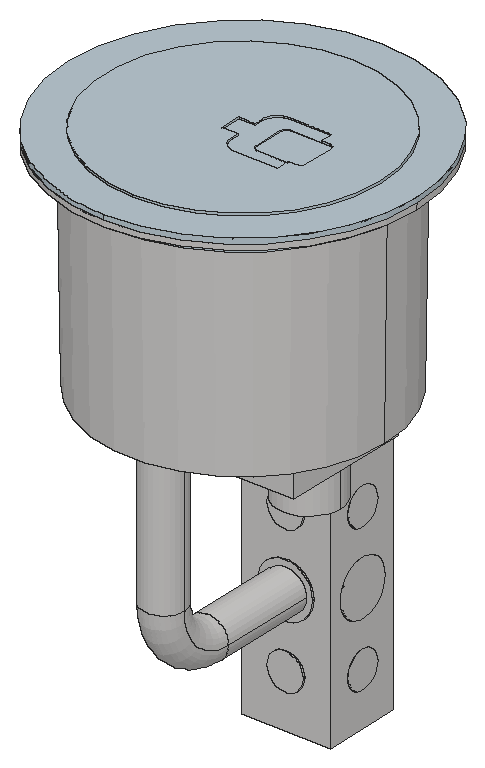
Revit family "Electrical_Equipment-Poke_Through-Hubbell_Wiring-System_One-S1R8", category Electrical Fixtures, host Face, Revit 2015
Parameters (values of type "S1R8JNC1 Junction Box")
  Voltage = 120 V
  URL = "http://www.hubbell-wiring.com/"
  Right Side Subplate = Right Subplate : S1R8PSPZ
  Right Side Power = 2400 VA
  Right Connector = 0' - 0 67/128"  # constant formula
  Product data url = "https://bimobject.com/hubbellwiring/product/systemone-s1r8"
  Product Page URL = "http://ecatalog.hubbell-wiring.com/ProductInformation/ViewCatalog.aspx?Dest=hubbell-wiring.com/press/catalog/m.pdf"
  Product Documentation Link = "http://ecatalog.hubbell-wiring.com/ProductInformation/ViewCatalog.aspx?Dest=hubbell-wiring.com/press/catalog/m.pdf"
  Power Factor = 1
  Number of Poles = 1
  Model = "S1R8PT"
  Manufacturer = "Hubbell-Wiring"  # constant formula
  Load Classification = Power
  Left Side Subplate = Left Subplate : S1R8PSPZ
  Left Side Power = 2400 VA
  Left Connector = 0' - 0 103/128"
  Junction Box = S1R8JNC1 : Junction Box
  Hardware Material = Metal-Hubbell-Steel
  Electrical Connector Description = "Power Connector"
  Description = "System One - 8\" Poke Through"
  Default Elevation = 0' - 0"
  Cover Material = Metal-Hubbell-Aluminum
  Conduit Connector USER NOTE = "Please note the number of conduit stubs will vary based on fitting adaptor selected, S1R8JNCx, contact Hubbell specifications for greater detail."
  Conduit Connector 5 Description = "Conduit Connector 1"
  Conduit Connector 4 Description = "Conduit Connector 1"
  Conduit Connector 3 Description = "Conduit Connector 1"
  Conduit Connector 2 Description = "Conduit Connector 1"
  Conduit Connector 1 Description = "Conduit Connector 1"
  Center Top Subplate = Center Subplate : S1R8CSPK
  Center Top Power = 2400 VA
  Center Middle Subplate = Center Subplate : S1R8CSPK
  Center Middle Power = 2400 VA
  Center Bottom Subplate = Center Subplate : S1R8CSPK
  Center Bottom Power = 2400 VA
  Assembly Code = "D5020115"
  Amperage Max Limit Note = "Max (5) 20 Amp Duplex Circuit"
Types (2): name | Left Connector | Junction Box
  S1R8JNC1 Junction Box | 0' - 0 103/128" | S1R8JNC1 : Junction Box
  S1R8JNC2 Junction Box | 0' - 0 67/128" | S1R8JNC2 : Junction Box
Reference planes (in)
  plane 1 "Center (Front/Back)": y = 0
  plane 2: z = 0
  plane 3 "Center (Left/Right)": x = 0
  plane 4: y = 2.55255
Forms (in)
  Extrusion 1, solid, detail levels coarse
    sketch origin (0, 0, 0) x (1, 0, 0) y (0, 1, 0)
      loop
        circle (0, 0) r 4.75
    from 0.29672 to -15.52
Lines and regions (in)
  symbolic lines
    curve 1: circle (0, 0, 0) r 4.75 normal (0, 0, 1)
  symbolic lines, detail levels coarse
    curve 2: line (0, 3.75, 0.29672) -> (0, 3.75, -15.52)
    curve 3: line (0, 3.75, 0.29672) -> (0, -3.75, 0.29672)
    curve 4: line (0, -3.75, -15.52) -> (0, 3.75, -15.52)
    curve 5: line (0, -3.75, 0.29672) -> (0, -3.75, -15.52)
    curve 6: line (4.75, 0, 0.29672) -> (-4.75, 0, 0.29672)
    curve 7: line (4.75, 0, -15.52) -> (4.75, 0, 0.29672)
    curve 8: line (-4.75, 0, -15.52) -> (4.75, 0, -15.52)
    curve 9: line (-4.75, 0, 0.29672) -> (-4.75, 0, -15.52)
Dimensions and locks (in)
  aligned and locked: plane 2 to host face
  aligned and locked: level to host face
  aligned and locked: plane 1 "Center (Front/Back)" to nested 1
  aligned and locked: nested 2 to plane 1 "Center (Front/Back)"
  aligned and locked: Extrusion 1 sketch curve to curve 1
  aligned and locked: Extrusion 1 to curve 3
  aligned and locked: Extrusion 1 to curve 4
  aligned and locked: curve 6 to Extrusion 1
  aligned and locked: curve 7 to Extrusion 1
  aligned and locked: curve 8 to Extrusion 1
  aligned and locked: curve 9 to Extrusion 1
  aligned and locked: plane 1 "Center (Front/Back)" to nested 3
  aligned and locked: nested 1 to nested 3
  aligned and locked: nested 4 to plane 4
  aligned and locked: plane 3 "Center (Left/Right)" to nested 4
  aligned and locked: plane 3 "Center (Left/Right)" to nested 2
  aligned and locked: plane 3 "Center (Left/Right)" to nested 1
  aligned and locked: nested 1 to host face
  aligned and locked: nested 2 to nested 1
Nested families (in)
  nested 1: "Poke Through" at (0, 0, 0), type "6Plug"
  nested 2: "Poke Through Cover" at (0, 0, 0.16) x (0, 1, 0) z (0, 0, 1), type "6Cover"
  nested 3: "S1R8JNC1" at (0, 0, -5.9741), type <- "Junction Box", type "Junction Box"
  nested 4: "Junction Box" at (0, 2.55255, -8.16115), type "Junction Box"
  nested 5: "Center Subplate" at (-0.68219, 0.05065, 0), type "S1R8CSPEXT"
  nested 6: "Left Subplate" at (-1.05609, 0.55048, 0), type "S1R8PSPZ"
  nested 7: "Right Subplate" at (-1.15383, 0.17265, 0), type "S1R6SPM"
Connectors (in)
  electrical at (0, 2.55255, -15.11115), driven by "Number of Poles", driven by "Load Classification", driven by "Voltage", driven by "Power Factor", driven by "Electrical Connector Description"
    settings: on nested 4, index 1, voltage 120 V, apparent load 60 VA, apparent load phase1 0 VA, apparent load phase2 0 VA, apparent load phase3 0 VA, power factor 1, load classification "Power", number of poles 1, system type 30, power factor state 1, is connector primary yes, connector utility no, sub classification motor no, connector description "Power Connector"
  cabletrayconduit at (-1.80824, 0, -8.06785), diameter 1.04688, driven by "Right Connector", driven by "Conduit Connector 4 Description"
    settings: on nested 3, index 2, connector width 1' - 0", connector height 1' - 0", connector angle 0.00°, system type 32, placement type 0, profile type 0, connector reference index -1, is primary connector yes, connector utility param no, connector description "Conduit Connector 1"
  cabletrayconduit at (1.80824, 0.00003, -8.06785), diameter 1.60938, driven by "Left Connector", driven by "Conduit Connector 5 Description"
    settings: on nested 3, index 3, connector width 1' - 0", connector height 1' - 0", connector angle 0.00°, system type 32, placement type 0, profile type 0, connector reference index -1, is primary connector no, connector utility param no, connector description "Conduit Connector 1"
  cabletrayconduit at (0, 1.45289, -11.63615), diameter 24, driven by "Conduit Connector 1 Description"
    settings: on nested 4, index 4, connector width 1' - 0", connector height 1' - 0", connector angle 0.00°, system type 32, placement type 1, profile type 0, connector reference index -1, is primary connector no, connector utility param no, connector description "Conduit Connector 1"
  cabletrayconduit at (1.23966, 2.55255, -11.63615), diameter 24, driven by "Conduit Connector 2 Description"
    settings: on nested 4, index 5, connector width 1' - 0", connector height 1' - 0", connector angle 0.00°, system type 32, placement type 1, profile type 0, connector reference index -1, is primary connector no, connector utility param no, connector description "Conduit Connector 1"
  cabletrayconduit at (0, 3.6522, -11.63615), diameter 24, driven by "Conduit Connector 3 Description"
    settings: on nested 4, index 6, connector width 1' - 0", connector height 1' - 0", connector angle 0.00°, system type 32, placement type 1, profile type 0, connector reference index -1, is primary connector no, connector utility param no, connector description "Conduit Connector 1"
Definition of nested family "Poke Through"
  Parameters
    Junction Box [instance] = S1R8JNC2 : S1R8JNC2
    Hardware Material = none
    Assembly Code = ""
  Reference planes (in)
    plane 1 "Center (Front/Back)": y = 0
    plane 2: z = 0
    plane 3 "Center (Left/Right)": x = 0
    plane 4: z = -8.57
    plane 5: x = -2.96875
  Forms (in)
    Extrusion 1, solid, material <- "Hardware Material", detail levels medium+fine
      sketch origin (0, 0, 0) x (1, 0, 0) y (0, 1, 0)
        loop
          circle (0, 0) r 4.765
        loop
          circle (0, 0) r 3.7723
      from 0 to 0.16
    Revolve 2, solid, material <- "Hardware Material", detail levels medium+fine
      sketch origin (0, 0, 0) x (1, 0, 0) y (0, 0, 1)
        loop
          line (-3.97982, 0) -> (-3.88731, -6.03615) -> (-3.7723, -6.03615) -> (-3.7723, 0) -> (-3.97982, 0)
        axis (0, -6.03615) -> (0, 0)
      angle from 0 to 360
    Extrusion 3, solid, material <- "Hardware Material", detail levels medium+fine
      sketch origin (0, 0, 0) x (1, 0, 0) y (0, 1, 0)
        loop
          circle (0, 0) r 3.7723
        loop
          circle (0, 2.55255) r 0.375
        loop
          circle (0, -2.7088) r 0.57
      from -5.9741 to -6.03615
    Extrusion 4, solid, material <- "Hardware Material", detail levels medium+fine
      sketch origin (0, 0, -8.16115) x (1, 0, 0) y (0, 1, 0)
        loop
          circle (0, 2.55255) r 0.375
      from 0 to 2.125
    Sweep 5, solid, material <- "Hardware Material", detail levels medium+fine
      path origin (0, 0, 0) x (0, 1, 0) y (0, 0, 1)
        loop
          line (-2.7088, -6.03615) -> (-2.7088, -10.1299)
          arc (-2.7088, -10.1299) -> (-2.26946, -11.19056) -> (-1.2088, -11.6299) r 1.5
          line (-1.2088, -11.6299) -> (1.4787, -11.6299)
      profile origin (0, -2.7088, -8.08302) x (1, 0, 0) y (0, 1, 0)
        loop
          circle (0, 0) r 0.57
  Cuts and joins
    joined: Extrusion 1, Revolve 2, Extrusion 3
  Dimensions and locks (in)
    Extrusion 1 to plane 4 = 0' - 8.73"
    aligned and locked: plane 2 to level
Definition of nested family "Poke Through Cover"
  Parameters
    Cover Material = none
    Assembly Code = ""
  Reference planes (in)
    plane 1 "Center (Front/Back)": y = 0
    plane 2: z = 0
    plane 3 "Center (Left/Right)": x = 0
    plane 4: z = -1.16328
  Forms (in)
    Extrusion 1, solid, material <- "Cover Material", detail levels medium+fine
      sketch origin (0, 0, 0) x (1, 0, 0) y (0, 1, 0)
        loop
          circle (0, 0) r 4.765
        loop
          circle (0, 0) r 3.76753
      from 0 to 0.13672
    Revolve 2, solid, material <- "Cover Material", detail levels medium+fine
      sketch origin (0, 0, 0) x (1, 0, 0) y (0, 0, 1)
        loop
          line (-3.76753, 0) -> (-4.55253, 0) -> (-4.55253, -0.31351) -> (-3.9223, -0.31351) -> (-3.9223, -0.62702) -> (-3.76753, -0.62702) -> (-3.76753, 0)
        axis (0, 0) -> (0, -0.62702)
      angle from 0 to 360
    Extrusion 3, solid, material <- "Cover Material", detail levels medium+fine
      sketch origin (0, 0, 0) x (1, 0, 0) y (0, 1, 0)
        loop
          circle (0, 0) r 3.76753
        loop
          line (-0.28775, -0.09844) -> (-0.51, -0.09844)
          arc (-0.51, -0.09844) -> (-0.82132, -0.22739) -> (-0.95027, -0.53871) r 0.44027
          line (-0.95027, -0.53871) -> (-0.95027, -1.70469) -> (-0.57549, -1.70469) -> (-0.57549, -1.91106)
          arc (-0.57549, -1.91106) -> (-0.52436, -2.03452) -> (-0.4009, -2.08565) r 0.17459
          line (-0.4009, -2.08565) -> (0.4009, -2.08565)
          arc (0.4009, -2.08565) -> (0.52436, -2.03452) -> (0.57549, -1.91106) r 0.17459
          line (0.57549, -1.91106) -> (0.57549, -1.70469) -> (0.95027, -1.70469) -> (0.95027, -0.53871)
          arc (0.95027, -0.53871) -> (0.82132, -0.22739) -> (0.51, -0.09844) r 0.44027
          line (0.51, -0.09844) -> (0.28775, -0.09844) -> (0.28775, 0.34183) -> (-0.28775, 0.34183) -> (-0.28775, -0.09844)
      from 0 to 0.1875
    Extrusion 4, solid, material <- "Cover Material", detail levels medium+fine
      sketch origin (0, 0, 0) x (1, 0, 0) y (0, 1, 0)
        loop
          line (-0.95027, -1.70469) -> (-0.57549, -1.70469) -> (-0.57549, -0.87331)
          arc (-0.57549, -0.87331) -> (-0.52436, -0.74985) -> (-0.4009, -0.69872) r 0.17459
          line (-0.4009, -0.69872) -> (0.4009, -0.69872)
          arc (0.4009, -0.69872) -> (0.52436, -0.74985) -> (0.57549, -0.87331) r 0.17459
          line (0.57549, -0.87331) -> (0.57549, -1.70469) -> (0.95027, -1.70469) -> (0.95027, -0.53871)
          arc (0.95027, -0.53871) -> (0.82132, -0.22739) -> (0.51, -0.09844) r 0.44027
          line (0.51, -0.09844) -> (0.28775, -0.09844) -> (0.28775, 0.34183) -> (-0.28775, 0.34183) -> (-0.28775, -0.09844) -> (-0.51, -0.09844)
          arc (-0.51, -0.09844) -> (-0.82132, -0.22739) -> (-0.95027, -0.53871) r 0.44027
          line (-0.95027, -0.53871) -> (-0.95027, -1.70469)
      from 0 to 0.15625
    Extrusion 5, solid, material <- "Cover Material", detail levels medium+fine
      sketch origin (0, 0, 0) x (1, 0, 0) y (0, 1, 0)
        loop
          line (-0.57549, -0.87331) -> (-0.57549, -1.91106)
          arc (-0.57549, -1.91106) -> (-0.52436, -2.03452) -> (-0.4009, -2.08565) r 0.17459
          line (-0.4009, -2.08565) -> (0.4009, -2.08565)
          arc (0.4009, -2.08565) -> (0.52436, -2.03452) -> (0.57549, -1.91106) r 0.17459
          line (0.57549, -1.91106) -> (0.57549, -0.87331)
          arc (0.57549, -0.87331) -> (0.52436, -0.74985) -> (0.4009, -0.69872) r 0.17459
          line (0.4009, -0.69872) -> (-0.4009, -0.69872)
          arc (-0.4009, -0.69872) -> (-0.52436, -0.74985) -> (-0.57549, -0.87331) r 0.17459
      from 0 to 0.15234
    Extrusion 6, solid, material <- "Cover Material", detail levels medium+fine
      sketch origin (-0.09901, -2.07318, 0) x (0, 1, 0) y (0, 0, -1)
        loop
          line (5.92511, 0.62702) -> (6.08478, 0.62702) -> (6.08478, 0.90528)
          arc (6.08478, 0.90528) -> (5.82084, 1.16922) -> (5.5569, 0.90528) r 0.26394
          line (5.5569, 0.90528) -> (5.5569, 0.62702) -> (5.71657, 0.62702) -> (5.71657, 0.93511)
          arc (5.71657, 0.93511) -> (5.82084, 1.03938) -> (5.92511, 0.93511) r 0.10427
          line (5.92511, 0.93511) -> (5.92511, 0.62702)
      from 0.26595 to 1.0493
    Extrusion 7, solid, material <- "Cover Material", detail levels medium+fine
      sketch origin (0.09901, -2.07318, 0) x (0, 1, 0) y (0, 0, 1)
        loop
          line (5.92511, -0.62702) -> (5.92511, -0.93511)
          arc (5.92511, -0.93511) -> (5.82084, -1.03938) -> (5.71657, -0.93511) r 0.10427
          line (5.71657, -0.93511) -> (5.71657, -0.62702) -> (5.5569, -0.62702) -> (5.5569, -0.90528)
          arc (5.5569, -0.90528) -> (5.82084, -1.16922) -> (6.08478, -0.90528) r 0.26394
          line (6.08478, -0.90528) -> (6.08478, -0.62702) -> (5.92511, -0.62702)
      from 0.26595 to 1.0493
  Lines and regions (in)
    Masking region 1
      outline origin (0, 0, 0) x (1, 0, 0) y (0, 1, 0)
        loop
          circle (0, 0) r 4.765
    symbolic lines
      curve 1: circle (0, 0, 0) r 3.9223 normal (0, 0, 1)
    symbolic lines, detail levels fine
      curve 2: line (-0.95027, -0.53871, 0) -> (-0.95027, -1.70469, 0)
      curve 3: line (-0.95027, -1.70469, 0) -> (-0.57549, -1.70469, 0)
      curve 4: line (-0.57549, -1.70469, 0) -> (-0.57549, -0.87331, 0)
      curve 5: arc (-0.57549, -0.87331, 0) -> (-0.52436, -0.74985, 0) -> (-0.4009, -0.69872, 0) r 0.17459
      curve 6: line (-0.4009, -0.69872, 0) -> (0.4009, -0.69872, 0)
      curve 7: arc (0.4009, -0.69872, 0) -> (0.52436, -0.74985, 0) -> (0.57549, -0.87331, 0) r 0.17459
      curve 8: line (0.57549, -0.87331, 0) -> (0.57549, -1.70469, 0)
      curve 9: line (0.57549, -1.70469, 0) -> (0.95027, -1.70469, 0)
      curve 10: line (0.95027, -1.70469, 0) -> (0.95027, -0.53871, 0)
      curve 11: arc (0.95027, -0.53871, 0) -> (0.82132, -0.22739, 0) -> (0.51, -0.09844, 0) r 0.44027
      curve 12: line (0.51, -0.09844, 0) -> (0.28775, -0.09844, 0)
      curve 13: line (0.28775, -0.09844, 0) -> (0.28775, 0.34183, 0)
      curve 14: line (0.28775, 0.34183, 0) -> (-0.28775, 0.34183, 0)
      curve 15: line (-0.28775, 0.34183, 0) -> (-0.28775, -0.09844, 0)
      curve 16: line (-0.28775, -0.09844, 0) -> (-0.51, -0.09844, 0)
      curve 17: arc (-0.51, -0.09844, 0) -> (-0.82132, -0.22739, 0) -> (-0.95027, -0.53871, 0) r 0.44027
      curve 18: line (-0.57549, -1.70469, 0) -> (-0.57549, -1.91106, 0)
      curve 19: arc (-0.57549, -1.91106, 0) -> (-0.52436, -2.03452, 0) -> (-0.4009, -2.08565, 0) r 0.17459
      curve 20: line (-0.4009, -2.08565, 0) -> (0.4009, -2.08565, 0)
      curve 21: arc (0.4009, -2.08565, 0) -> (0.52436, -2.03452, 0) -> (0.57549, -1.91106, 0) r 0.17459
      curve 22: line (0.57549, -1.91106, 0) -> (0.57549, -1.70469, 0)
  Dimensions and locks (in)
    locked: Extrusion 1 to plane 4 at 1.3
    aligned and locked: plane 2 to level
Definition of nested family "S1R8JNC1"
  Parameters
    Right Connector = 0' - 0.52327"
    Left Connector = 0' - 0.80311"
    Hardware Material = none
    Assembly Code = ""
  Reference planes (in)
    plane 1 "Center (Front/Back)": y = 0
    plane 2: z = 0
    plane 3 "Center (Left/Right)": x = 0
  Forms (in)
    Extrusion 1, solid, material <- "Hardware Material", detail levels medium+fine
      sketch origin (0, 0, 0) x (1, 0, 0) y (0, 1, 0)
        loop
          line (-2.82135, 1.71595) -> (-3.11765, 1.71595) -> (-3.24235, 1.59125) -> (-3.24235, -1.59125) -> (-3.11765, -1.71595) -> (-2.82135, -1.71595) -> (-2.82135, 1.71595)
        loop
          line (3.11765, -1.71595) -> (3.24235, -1.59125) -> (3.24235, 1.59125) -> (3.11765, 1.71595) -> (2.82135, 1.71595) -> (2.82135, -1.71595) -> (3.11765, -1.71595)
        loop
          circle (3.05529, 0) r 0.08979
        loop
          circle (-3.05529, 0) r 0.08979
      from 0 to -0.08194
    Extrusion 2, solid, material <- "Hardware Material", detail levels medium+fine
      sketch origin (0, 0, -1.03125) x (1, 0, 0) y (0, 1, 0)
        loop
          line (2.82135, 1.77282) -> (-2.82135, 1.77282) -> (-2.82135, -1.77282) -> (2.82135, -1.77282) -> (2.82135, 1.77282)
      from 0 to 1.03125
    Extrusion 3, solid, material <- "Hardware Material", detail levels medium+fine
      sketch origin (0, 0, -2.09375) x (1, 0, 0) y (0, 1, 0)
        loop
          circle (-1.80824, 0) r 0.58013
        loop
          circle (-1.80824, 0) r 0.52327
        loop
          circle (1.80824, 0.00003) r 0.86795
        loop
          circle (1.80824, 0.00003) r 0.80311
      from 0 to 1.0625
  Dimensions and locks (in)
    "Left Connector": radius of Extrusion 3 sketch curve
    "Right Connector": radius of Extrusion 3 sketch curve
    aligned and locked: plane 2 to level
  Automatic sketch dimensions
    plane 1 "Center (Front/Back)" to Extrusion 1 sketch curve = 0' - 0"  (x2)
    plane 1 "Center (Front/Back)" to Extrusion 1 sketch curve = 0' - 1.59125"  (x2)
    Extrusion 1 sketch curve to plane 3 "Center (Left/Right)" = 0' - 3.24235"
    Extrusion 1 sketch curve to Extrusion 1 sketch curve = 0' - 0.12471"  (x7)
    Extrusion 1 sketch curve to Extrusion 1 sketch curve = 0' - 0.18706"
    Extrusion 1 sketch curve to Extrusion 1 sketch curve = 0' - 0.2963"  (x3)
    plane 3 "Center (Left/Right)" to Extrusion 1 sketch curve = 0' - 2.82135"
    Extrusion 1 sketch curve to Extrusion 1 sketch curve = 0' - 0.23395"
    Extrusion 1 sketch curve to plane 1 "Center (Front/Back)" = 0' - 1.59125"  (x2)
    Extrusion 2 sketch curve to plane 3 "Center (Left/Right)" = 0' - 2.82135"
    plane 3 "Center (Left/Right)" to Extrusion 2 sketch curve = 0' - 2.82135"
    plane 1 "Center (Front/Back)" to Extrusion 2 sketch curve = 0' - 1.77282"
    Extrusion 2 sketch curve to plane 1 "Center (Front/Back)" = 0' - 1.77282"
    Extrusion 3 sketch curve to Extrusion 3 sketch curve = 0' - 0"  (x4)
    plane 1 "Center (Front/Back)" to Extrusion 3 sketch curve = 0' - 0"
    Extrusion 3 sketch curve to plane 3 "Center (Left/Right)" = 0' - 1.80824"
    Extrusion 3 sketch curve to plane 1 "Center (Front/Back)" = 0' - 0.00003"
    plane 3 "Center (Left/Right)" to Extrusion 3 sketch curve = 0' - 1.80824"
    radius of Extrusion 1 sketch curve = 0' - 0.08979"  (x2)
    radius of Extrusion 3 sketch curve = 0' - 0.58013"
    radius of Extrusion 3 sketch curve = 0' - 0.86795"
Definition of nested family "Junction Box"
  Parameters
    Hardware Material = none
    Assembly Code = ""
  Reference planes (in)
    plane 1 "Center (Front/Back)": y = 0
    plane 2: z = 0
    plane 3 "Center (Left/Right)": x = 0
  Forms (in)
    Extrusion 1, solid, material <- "Hardware Material", detail levels medium+fine
      sketch origin (0.63008, -7.06277, -6.95) x (1, 0, 0) y (0, 1, 0)
        loop
          line (-1.83508, 5.99777) -> (0.57492, 5.99777) -> (0.57492, 8.12777) -> (-1.83508, 8.12777) -> (-1.83508, 5.99777)
      from 0 to 6.95
    Extrusion 2, solid, material <- "Hardware Material", detail levels medium+fine
      sketch origin (0, 0, 0.06788) x (1, 0, 0) y (0, 0, 1)
        loop
          circle (0, -1.54288) r 0.5
        loop
          circle (0, -3.54288) r 0.75
        loop
          circle (0, -5.54288) r 0.5
      from 1.065 to 1.09966
    Extrusion 3, solid, material <- "Hardware Material", detail levels medium+fine
      sketch origin (0, 0, 0.06788) x (-1, 0, 0) y (0, 0, 1)
        loop
          circle (0, -1.54288) r 0.5
        loop
          circle (0, -3.54288) r 0.75
        loop
          circle (0, -5.54288) r 0.5
      from 1.065 to 1.09966
    Extrusion 4, solid, material <- "Hardware Material", detail levels medium+fine
      sketch origin (0.14, 0, 0.06788) x (0, 1, 0) y (0, 0, 1)
        loop
          circle (0, -1.54288) r 0.5
        loop
          circle (0, -3.54288) r 0.75
        loop
          circle (0, -5.54288) r 0.5
      from 1.065 to 1.09966
  Dimensions and locks (in)
    aligned and locked: plane 2 to level
Definition of nested family "Center Subplate"
  Parameters
    Assembly Code = ""
  Reference planes (in)
    plane 1 "Center (Front/Back)": y = 0
    plane 2: z = 0
    plane 3 "Center (Left/Right)": x = 0
  Dimensions and locks (in)
    aligned and locked: plane 2 to level
Definition of nested family "Left Subplate"
  Parameters
    Assembly Code = ""
  Reference planes (in)
    plane 1 "Center (Front/Back)": y = 0
    plane 2: z = 0
    plane 3 "Center (Left/Right)": x = 0
  Dimensions and locks (in)
    aligned and locked: plane 2 to level
Definition of nested family "Right Subplate"
  Parameters
    Assembly Code = ""
  Reference planes (in)
    plane 1 "Center (Front/Back)": y = 0
    plane 2: z = 0
    plane 3 "Center (Left/Right)": x = 0
  Dimensions and locks (in)
    aligned and locked: plane 2 to level
